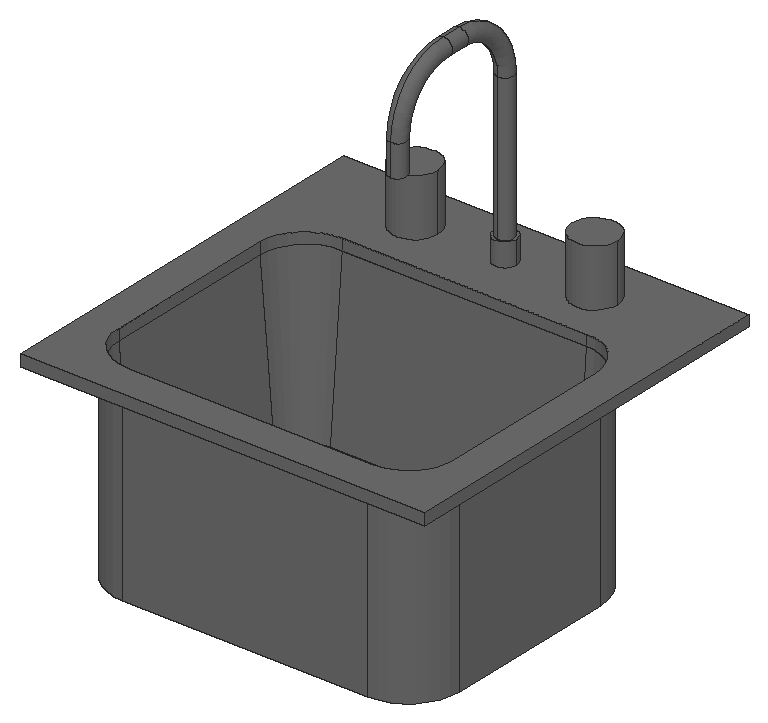
Revit family
Parameters (values of type "450 x 450mm")
  Counter Height [instance] = 900.00 mm
  Depth = 450.00 mm
  Fixture Material = Metal - Steel, Polished
  Sink Material = Metal - Steel, Polished
  Width = 450.00 mm
Reference planes
  plane 1 "Center (Front/Back)": y = 2.345
  plane 2: z = 0
  plane 3 "Center (Left/Right)": x = 15.689
  plane 4: y = 227.345
  plane 5: y = -222.655
  plane 6: x = -209.311
  plane 7: x = 240.689
  plane 8 "Top Of Counter": z = 900
  plane 9: z = 912.7
  plane 10: z = 684.1
  plane 11: y = 113.045
  plane 12: x = -171.211
  plane 13: y = -184.555
  plane 14: x = 202.589
  plane 15: x = -84.311
  plane 16: x = 115.689
  plane 17: y = 170.195
  plane 18: y = 170.195
  plane 19: y = 170.195
  plane 20: z = 1163.525
  plane 21: y = 20.97
  plane 22: z = 976.2
  plane 23: z = 938.1
Forms (mm)
  Extrusion 1, solid, material "Metal - Steel, Polished" <- "Sink Material"
    sketch origin (0, 0, 0) x (1, 0, 0) y (0, 1, 0)
      loop
        line (-209.311, 227.345) -> (-209.311, -222.655) -> (240.689, -222.655) -> (240.689, 227.345) -> (-209.311, 227.345)
      loop
        arc (-120.411, 113.045) -> (-156.332, 98.166) -> (-171.211, 62.245) r 50.8
        line (-171.211, 62.245) -> (-171.211, -133.755)
        arc (-171.211, -133.755) -> (-156.332, -169.676) -> (-120.411, -184.555) r 50.8
        line (-120.411, -184.555) -> (151.789, -184.555)
        arc (151.789, -184.555) -> (187.71, -169.676) -> (202.589, -133.755) r 50.8
        line (202.589, -133.755) -> (202.589, 62.245)
        arc (202.589, 62.245) -> (187.71, 98.166) -> (151.789, 113.045) r 50.8
        line (151.789, 113.045) -> (-120.411, 113.045)
    from 900 to 912.7
  Sweep 2, solid, material "Metal - Steel, Polished" <- "Sink Material"
    path origin (0, 0, 0) x (1, 0, 0) y (0, 1, 0)
      loop
        arc (-120.411, 113.045) -> (-156.332, 98.166) -> (-171.211, 62.245) r 50.8
        line (-171.211, 62.245) -> (-171.211, -133.755)
        arc (-171.211, -133.755) -> (-156.332, -169.676) -> (-120.411, -184.555) r 50.8
        line (-120.411, -184.555) -> (151.789, -184.555)
        arc (151.789, -184.555) -> (187.71, -169.676) -> (202.589, -133.755) r 50.8
        line (202.589, -133.755) -> (202.589, 62.245)
        arc (202.589, 62.245) -> (187.71, 98.166) -> (151.789, 113.045) r 50.8
        line (151.789, 113.045) -> (-120.411, 113.045)
    profile origin (15.689, 0, 0) x (0, 1, 0) y (0, 0, 1)
      loop
        line (113.045, 900) -> (96.511, 711.015)
        arc (96.511, 711.015) -> (90.404, 698.63) -> (77.534, 693.625) r 19.05
        line (77.534, 693.625) -> (74.945, 693.625) -> (74.945, 684.1) -> (119.395, 684.1) -> (119.395, 900) -> (113.045, 900)
  Extrusion 3, solid, material "Metal - Steel, Polished" <- "Sink Material"
    sketch origin (0, 0, 0) x (1, 0, 0) y (0, 1, 0)
      loop
        arc (-120.411, 74.945) -> (-129.391, 71.226) -> (-133.111, 62.245) r 12.7
        line (-133.111, 62.245) -> (-133.111, -133.755)
        arc (-133.111, -133.755) -> (-129.391, -142.735) -> (-120.411, -146.455) r 12.7
        line (-120.411, -146.455) -> (151.789, -146.455)
        arc (151.789, -146.455) -> (160.769, -142.735) -> (164.489, -133.755) r 12.7
        line (164.489, -133.755) -> (164.489, 62.245)
        arc (164.489, 62.245) -> (160.769, 71.226) -> (151.789, 74.945) r 12.7
        line (151.789, 74.945) -> (-120.411, 74.945)
      loop
        circle (15.689, 0) r 25.4
    from 684.1 to 693.625
  Extrusion 4, solid, material "Metal - Steel, Polished" <- "Fixture Material"
    sketch origin (0, 0, 0) x (1, 0, 0) y (0, 1, 0)
      loop
        circle (-84.311, 170.195) r 25.4
      loop
        circle (115.689, 170.195) r 25.4
    from 912.7 to 976.2
  Sweep 5, solid, material "Metal - Steel, Polished" <- "Fixture Material"
    path origin (15.689, 0, 0) x (0, 1, 0) y (0, 0, 1)
      loop
        line (170.195, 912.7) -> (170.195, 1100.025)
        arc (170.195, 1100.025) -> (151.597, 1144.926) -> (106.695, 1163.525) r 63.5
        line (106.695, 1163.525) -> (84.47, 1163.525)
        arc (84.47, 1163.525) -> (39.569, 1144.926) -> (20.97, 1100.025) r 63.5
        line (20.97, 1100.025) -> (20.97, 1065.1)
    profile origin (15.689, 0, 1006.363) x (0, -1, 0) y (1, 0, 0)
      loop
        circle (-170.195, 0) r 9.525
  Extrusion 6, solid, material "Metal - Steel, Polished" <- "Fixture Material"
    sketch origin (0, 0, 0) x (1, 0, 0) y (0, 1, 0)
      loop
        circle (15.689, 170.195) r 12.7
    from 912.7 to 938.1
Cuts and joins
  joined: Sweep 5, Extrusion 6
  joined: Sweep 2, Extrusion 3
Lines and regions (mm)
  Masking region 1
    outline origin (0, 0, 900) x (0, -1, 0) y (1, 0, 0)
      loop
        line (-227.345, -209.311) -> (222.655, -209.311) -> (222.655, 240.689) -> (-227.345, 240.689) -> (-227.345, -209.311)
  symbolic lines
    curve 1: arc (41.089, 0, 900) -> (15.689, 25.4, 900) -> (-9.711, 0, 900) r 25.4
    curve 2: arc (-9.711, 0, 900) -> (15.689, -25.4, 900) -> (41.089, 0, 900) r 25.4
    curve 3: line (-171.211, 62.245, 900) -> (-171.211, -133.755, 900)
    curve 4: line (-120.411, -184.555, 900) -> (151.789, -184.555, 900)
    curve 5: line (202.589, -133.755, 900) -> (202.589, 62.245, 900)
    curve 6: line (151.789, 113.045, 900) -> (28.389, 113.045, 900)
    curve 7: arc (202.589, 62.245, 900) -> (187.71, 98.166, 900) -> (151.789, 113.045, 900) r 50.8
    curve 8: arc (151.789, -184.555, 900) -> (187.71, -169.676, 900) -> (202.589, -133.755, 900) r 50.8
    curve 9: arc (-171.211, -133.755, 900) -> (-156.332, -169.676, 900) -> (-120.411, -184.555, 900) r 50.8
    curve 10: arc (-120.411, 113.045, 900) -> (-156.332, 98.166, 900) -> (-171.211, 62.245, 900) r 50.8
    curve 11: arc (142.689, 172.313, 900) -> (117.289, 197.713, 900) -> (91.889, 172.313, 900) r 25.4
    curve 12: arc (91.889, 172.313, 900) -> (117.289, 146.913, 900) -> (142.689, 172.313, 900) r 25.4
    curve 13: arc (28.389, 170.195, 900) -> (15.689, 182.895, 900) -> (2.989, 170.195, 900) r 12.7
    curve 14: line (2.989, 170.195, 900) -> (2.989, 53.145, 900)
    curve 15: line (28.389, 170.195, 900) -> (28.389, 53.145, 900)
    curve 16: arc (28.389, 53.145, 900) -> (15.689, 40.445, 900) -> (2.989, 53.145, 900) r 12.7
    curve 17: line (2.989, 113.045, 900) -> (-120.411, 113.045, 900)
    curve 18: arc (-58.911, 170.195, 900) -> (-84.311, 195.595, 900) -> (-109.711, 170.195, 900) r 25.4
    curve 19: arc (-109.711, 170.195, 900) -> (-84.311, 144.795, 900) -> (-58.911, 170.195, 900) r 25.4
Dimensions and locks
  equal spacing: plane 6, plane 3 "Center (Left/Right)", plane 7
  "Width": plane 6 to plane 7
  equal spacing: plane 5, plane 1 "Center (Front/Back)", plane 4
  "Depth": plane 5 to plane 4
  "Counter Height": plane 8 "Top Of Counter" to plane 2
  locked: plane 9 to plane 8 "Top Of Counter" at 12.7
  locked: plane 8 "Top Of Counter" to plane 10 at 215.9
  locked: plane 6 to plane 12 at 38.1
  locked: plane 14 to plane 7 at 38.1
  locked: plane 11 to plane 4 at 114.3
  locked: plane 5 to plane 13 at 38.1
  equal spacing: plane 11, plane 17, plane 4
  equal spacing: plane 11, plane 18, plane 4
  equal spacing: plane 4, plane 19, plane 11
  locked: plane 19 to plane 21 at 149.225
  locked: plane 20 to plane 9 at 250.825
  locked: plane 22 to plane 9 at 63.5
  locked: plane 23 to plane 9 at 25.4
  plane 15 to plane 3 "Center (Left/Right)" to plane 16 = 100.00 mm locked, 100.00 mm locked
  aligned and locked: Extrusion 1 sketch curve to plane 5
  aligned and locked: plane 7 to Extrusion 1 sketch curve
  aligned and locked: plane 4 to Extrusion 1 sketch curve
  aligned and locked: Extrusion 1 sketch curve to plane 6
  aligned and locked: plane 8 "Top Of Counter" to Extrusion 1
  aligned and locked: Extrusion 1 to plane 9
  aligned and locked: plane 11 to Extrusion 1 sketch curve
  aligned and locked: plane 14 to Extrusion 1 sketch curve
  aligned and locked: Extrusion 1 sketch curve to plane 12
  aligned and locked: Extrusion 1 sketch curve to plane 13
  aligned and locked: plane 11 to Sweep 2 sketch curve
  aligned and locked: plane 14 to Sweep 2 sketch curve
  aligned and locked: Sweep 2 sketch curve to plane 12
  aligned and locked: Sweep 2 sketch curve to plane 13
  aligned and locked: Sweep 2 to Extrusion 3 sketch curve  (x4)
  aligned and locked: Sweep 2 to Extrusion 3
  aligned and locked: plane 10 to Extrusion 3
  aligned and locked: Sweep 2 sketch curve to plane 10
  aligned and locked: plane 8 "Top Of Counter" to Sweep 2 sketch curve
  aligned and locked: Extrusion 4 to Extrusion 1
  aligned and locked: Extrusion 6 to Extrusion 1
  aligned and locked: Sweep 5 sketch curve to plane 19
  aligned and locked: plane 20 to Sweep 5 sketch curve
  aligned and locked: plane 21 to Sweep 5 sketch curve
  aligned and locked: Extrusion 4 to plane 22
  aligned and locked: Extrusion 6 to plane 23
  aligned and locked: plane 7 to Masking region 1 sketch curve
  aligned and locked: Masking region 1 sketch curve to plane 5
  aligned and locked: Masking region 1 sketch curve to plane 6
  aligned and locked: plane 4 to Masking region 1 sketch curve
  aligned and locked: curve 18 to Extrusion 4
  aligned and locked: plane 16 to Extrusion 4 sketch curve
  aligned and locked: plane 17 to Extrusion 4 sketch curve  (x2)
  aligned and locked: plane 15 to Extrusion 4 sketch curve
Automatic sketch dimensions
  Sweep 2 sketch curve to plane 12 = 50.80 mm
  Sweep 2 sketch curve to Sweep 2 sketch curve = 50.80 mm
  plane 11 to Sweep 2 sketch curve = 50.80 mm
  plane 14 to Sweep 2 sketch curve = 50.80 mm
  Extrusion 1 sketch curve to plane 12 = 50.80 mm  (x2)
  plane 14 to Extrusion 1 sketch curve = 50.80 mm  (x2)
  Extrusion 3 sketch curve to plane 3 "Center (Left/Right)" = 0.00 mm
  Extrusion 3 sketch curve to Extrusion 3 sketch curve = 12.70 mm  (x4)
  plane 1 "Center (Front/Back)" to Extrusion 3 sketch curve = 2.345 mm
  Extrusion 3 sketch curve to plane 3 "Center (Left/Right)" = 25.40 mm
  Sweep 2 sketch curve to profile plane = 0.00 mm
  profile plane to Sweep 2 sketch curve = 16.534 mm
  Sweep 2 sketch curve to Sweep 2 sketch curve = 18.978 mm
  Sweep 2 sketch curve to Sweep 2 sketch curve = 2.588 mm
  Sweep 2 sketch curve to profile plane = 6.35 mm
  Sweep 2 sketch curve to Sweep 2 sketch curve = 9.525 mm
  Sweep 2 sketch curve to Sweep 2 sketch curve = 17.39 mm
  plane 15 to Extrusion 4 sketch curve = 25.40 mm
  plane 16 to Extrusion 4 sketch curve = 25.40 mm
  Sweep 5 sketch curve to plane 3 "Center (Left/Right)" = 0.00 mm
  Sweep 5 sketch curve to profile plane = 0.00 mm
  profile plane to Sweep 5 sketch curve = 9.525 mm
  Extrusion 6 sketch curve to plane 18 = 0.00 mm
  Extrusion 6 sketch curve to plane 3 "Center (Left/Right)" = 0.00 mm
  Extrusion 6 sketch curve to plane 3 "Center (Left/Right)" = 12.70 mm
  Sweep 5 sketch curve to plane 9 = 0.00 mm
  Sweep 5 sketch curve to Sweep 5 sketch curve = 63.50 mm
  plane 11 to Sweep 5 sketch curve = 6.35 mm
  Sweep 5 sketch curve to Sweep 5 sketch curve = 34.925 mm
  curve 17 to plane 11 = 0.00 mm
  curve 6 to plane 11 = 0.00 mm
  curve 5 to plane 14 = 0.00 mm
  curve 3 to plane 12 = 0.00 mm
  curve 16 to plane 3 "Center (Left/Right)" = 0.00 mm
  curve 2 to plane 3 "Center (Left/Right)" = 0.00 mm
  curve 4 to plane 13 = 0.00 mm
  plane 4 to curve 13 = 57.15 mm
  plane 4 to curve 11 = 55.032 mm
  plane 11 to curve 7 = 50.80 mm
  plane 11 to curve 10 = 50.80 mm
  curve 15 to plane 1 "Center (Front/Back)" = 50.80 mm
  curve 16 to plane 3 "Center (Left/Right)" = 12.70 mm
  plane 1 "Center (Front/Back)" to curve 1 = 2.345 mm
  curve 3 to plane 13 = 50.80 mm
  curve 8 to plane 13 = 50.80 mm
  curve 2 to plane 3 "Center (Left/Right)" = 25.40 mm
  curve 13 to curve 12 = 63.50 mm
  curve 11 to curve 12 = 25.40 mm
